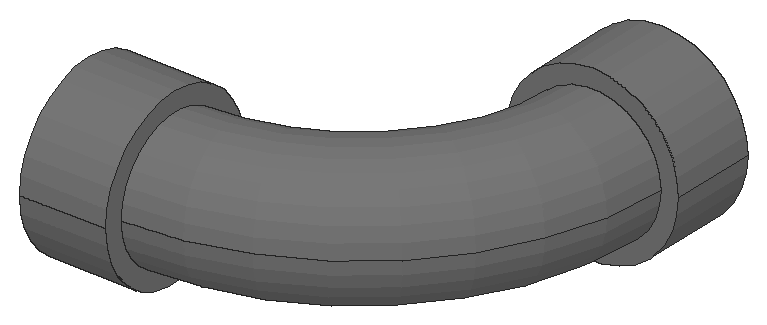
Revit family "Fittings-Elbow-Champion_Couplings-MI-ELB_Series", category Pipe Fittings, Revit 2014
Parameters (values of type "MI-ELB-150")
  Width B = 1.900"
  Width A = 1.900"
  Waste Connection = no
  Warranty Information = "1 Year Warranty"  # constant formula
  Vent Connection = no
  URL = "http://www.mifab.com"
  Tick Size = Width A * 0.4  # 0.760"
  Standard Listings & Approval = "CSA Approved, U.P.C. Approved"  # constant formula
  Product Page URL = "http://www.mifab.com/Catalog/No_Hub_Couplings/MIELB_ELBOWS.html"
  Product Documentation Link = "http://www.mifab.com/Catalog/Library/MI-ELB-spec_sheet.pdf"
  Price = "Prices may vary. Please consult Manufacturer Representative for most up-to-date price list."  # constant formula
  Pipe Size Description = "1 1/2\" Elbow"
  Pipe Connection Diameter = 1.500"
  Pallet Quantity = "2700"
  Nominal Length = Width A / 2  # 0.950"
  Model = "MI-ELB"
  Material = "Rubber-Champion Couplings-Flexible Rubber"  # constant formula
  Manufacturer = "Champion Couplings"  # constant formula
  List Price (Each Piece) = 12.75
  Height = 4.460"
  HW Connection = no
  Description = "MIFAB® Series MI-ELB (specify size) of flexible rubber elbow couplings are manufactured from a flexible PVC\r\nthat meets the requirements of ASTM C-564 and Type 300 Series of stainless steel clamps tightened (to 60 lbs. torque) with\r\n5/16” Type 300 stainless steel hex head screws. The MI-ELB Series of flexible couplings are listed with I.A.P.M.O. Non constant\r\ntemperature rating is 140 F."  # constant formula
  Creation Date = "\"2/17/2016\""
  Carton Quantity = "50"
  CW Connection = yes
  Assembly Code = "D2090800"
Types (5): name | Width B | Width A | Tick Size | Pipe Size Description | Pipe Connection Diameter | Pallet Quantity | Nominal Length | List Price (Each Piece) | Height | Carton Quantity
  (no name) | 1.900" | 1.900" | 0.760" | "1 1/2\" Elbow" | 1.500" | "2700" | 0.950" | 12.75 | 4.460" | "50"
  MI-ELB-150 | 1.900" | 1.900" | 0.760" | "1 1/2\" Elbow" | 1.500" | "2700" | 0.950" | 12.75 | 4.460" | "50"
  MI-ELB-200 | 2.310" | 2.310" | 0.924" | "2\" Elbow" | 2.000" | "1680" | 1.155" | 13.5 | 5.170" | "20"
  MI-ELB-300 | 3.440" | 3.440" | 1.376" | "3\" Elbow" | 3.000" | "560" | 1.720" | 20 | 7.870" | "20"
  MI-ELB-400 | 4.440" | 4.440" | 1.776" | "4\" Elbow" | 4.000" | "294" | 2.220" | 30 | 9.630" | "6"
Reference planes (in)
  plane 1 "Center (Front/Back)": y = 0
  plane 2: z = 0
  plane 3 "Center (Left/Right)": x = 0
  plane 4: x = -3.51
  plane 5: x = 0.95
  plane 6: x = -0.95
  plane 7: y = 0.95
  plane 8: y = -0.95
  plane 9: y = 3.51
  plane 10: x = -2.56
  plane 11: y = 2.56
  plane 12: y = 0.75
  plane 13: y = -0.75
  plane 14: x = -0.75
  plane 15: x = 0.75
Forms (in)
  Extrusion 1, solid, material "Rubber-Champion Couplings-Flexible Rubber"
    sketch origin (0, 0, 0) x (0, 1, 0) y (0, 0, 1)
      loop
        circle (0, 0) r 0.95
    from -3.51 to -2.56
  Extrusion 2, solid, material "Rubber-Champion Couplings-Flexible Rubber"
    sketch origin (0, 0, 0) x (1, 0, 0) y (0, 0, 1)
      loop
        circle (0, 0) r 0.95
    from -3.51 to -2.56
  Sweep 3, solid, material "Rubber-Champion Couplings-Flexible Rubber"
    path origin (0, 0, 0) x (1, 0, 0) y (0, 1, 0)
      loop
        arc (-2.56, 0) -> (-0.74981, 0.74981) -> (0, 2.56) r 2.56
    profile origin (-2.56, 0, 0) x (0, 1, 0) y (0, 0, 1)
      loop
        circle (0, 0) r 0.75
Lines and regions (in)
  Masking region 1, detail levels fine
    outline origin (0, 0, 0) x (1, 0, 0) y (0, 1, 0)
      loop
        line (-3.51, 0.95) -> (-3.51, -0.95) -> (-2.56, -0.95) -> (-2.56, -0.75)
        arc (-2.56, -0.75) -> (-0.21948, 0.21948) -> (0.75, 2.56) r 3.31
        line (0.75, 2.56) -> (0.95, 2.56) -> (0.95, 3.51) -> (-0.95, 3.51) -> (-0.95, 2.56) -> (-0.75, 2.56)
        arc (-0.75, 2.56) -> (-1.28014, 1.28014) -> (-2.56, 0.75) r 1.81
        line (-2.56, 0.75) -> (-2.56, 0.95) -> (-3.51, 0.95)
  symbolic lines, detail levels fine
    curve 1: line (-0.95, 2.56, 0) -> (0.95, 2.56, 0)
    curve 2: line (-2.56, -0.95, 0) -> (-2.56, 0.95, 0)
  model lines, detail levels coarse+medium
    curve 3: line (-3.51, 0.76, 0) -> (-3.51, -0.76, 0)
    curve 4: line (-0.76, 3.51, 0) -> (0.76, 3.51, 0)
    curve 5: line (-3.51, 0, 0) -> (-2.56, 0, 0)
    curve 6: line (0, 3.51, 0) -> (0, 2.56, 0)
    curve 7: arc (-2.56, 0, 0) -> (-0.74981, 0.74981, 0) -> (0, 2.56, 0) r 2.56
Dimensions and locks (in)
  "Width B": plane 6 to plane 5
  equal spacing: plane 6, plane 3 "Center (Left/Right)", plane 5
  "Height": plane 4 to plane 5
  "Width A": plane 7 to plane 8
  equal spacing: plane 7, plane 1 "Center (Front/Back)", plane 8
  "Height": plane 8 to plane 9
  "Nominal Length": plane 4 to plane 10
  "Nominal Length": plane 11 to plane 9
  "Pipe Connection Diameter": plane 13 to plane 12
  equal spacing: plane 13, plane 1 "Center (Front/Back)", plane 12
  "Pipe Connection Diameter": plane 14 to plane 15
  equal spacing: plane 14, plane 3 "Center (Left/Right)", plane 15
  "Tick Size": plane 3 "Center (Left/Right)" to curve 4
  "Tick Size": curve 4 to plane 3 "Center (Left/Right)"
  "Tick Size": plane 1 "Center (Front/Back)" to curve 3
  "Tick Size": curve 3 to plane 1 "Center (Front/Back)"
  "Width A": diameter of Extrusion 1 sketch curve
  "Width A": diameter of Extrusion 2 sketch curve
  "Pipe Connection Diameter": diameter of Sweep 3 sketch curve
  aligned and locked: plane 2 to Extrusion 1 sketch curve
  aligned and locked: plane 1 "Center (Front/Back)" to Extrusion 1 sketch curve
  aligned and locked: Extrusion 1 to plane 4
  aligned and locked: plane 10 to Extrusion 1
  aligned and locked: plane 11 to Extrusion 2
  aligned and locked: Extrusion 2 to plane 9
  aligned and locked: Extrusion 1 to Sweep 3 sketch curve
  aligned and locked: plane 1 "Center (Front/Back)" to Sweep 3 sketch curve  (x2)
  aligned and locked: Extrusion 2 to Sweep 3 sketch curve
  aligned and locked: plane 2 to Sweep 3 sketch curve
  aligned and locked: Masking region 1 sketch curve to plane 7
  aligned and locked: Masking region 1 sketch curve to Extrusion 1
  aligned and locked: Masking region 1 sketch curve to Extrusion 2
  aligned and locked: Masking region 1 sketch curve to plane 6
  aligned and locked: Masking region 1 sketch curve to plane 5
  aligned and locked: Masking region 1 sketch curve to plane 10
  aligned and locked: Masking region 1 sketch curve to plane 11  (x2)
  aligned and locked: plane 14 to Masking region 1 sketch curve
  aligned and locked: plane 15 to Masking region 1 sketch curve
  aligned and locked: plane 12 to Masking region 1 sketch curve
  aligned and locked: plane 13 to Masking region 1 sketch curve
  aligned and locked: curve 1 to Extrusion 2
  aligned and locked: curve 2 to Extrusion 1
  aligned and locked: plane 7 to curve 2
  aligned and locked: plane 8 to curve 2
  aligned and locked: plane 6 to curve 1
  aligned and locked: plane 5 to curve 1
  aligned and locked: plane 1 "Center (Front/Back)" to curve 5
  aligned and locked: curve 6 to plane 3 "Center (Left/Right)"
  aligned and locked: plane 10 to curve 5
  aligned and locked: plane 11 to curve 6
  aligned and locked: plane 9 to curve 6
  aligned and locked: plane 4 to curve 5
  aligned and locked: curve 3 to plane 4
  aligned and locked: plane 9 to curve 4
Automatic sketch dimensions
  curve 7 to plane 3 "Center (Left/Right)" = 0.000"
  Extrusion 2 sketch curve to level = 0.000"
  Extrusion 2 sketch curve to plane 3 "Center (Left/Right)" = 0.000"
  Masking region 1 sketch curve to plane 8 = 0.000"
Connectors (in)
  piping at (-3.51, 0, 0), diameter 1.5, driven by "Pipe Connection Diameter"
    settings: on Extrusion 1, index 1, connector inside diameter 24", connector length 0.000", flow factor 0, pipe flow 0 GPM, pressure drop 0.00 psi, fitting loss kfactor 0, connector angle 45.00°, fixture units 0, engagement length 0.000", angle of deflection 0.00°, flow configuration 0, flow direction 0, fitting loss method 0, system type 28, joint type 0, gender type 0, connector reference index -1, connector utility 0, adjustable connector no, is connector primary yes, connector description ""
  piping at (0, 3.51, 0), diameter 1.5, driven by "Pipe Connection Diameter"
    settings: on Extrusion 2, index 2, connector inside diameter 24", connector length 0.000", flow factor 0, pipe flow 0 GPM, pressure drop 0.00 psi, fitting loss kfactor 0, connector angle 45.00°, fixture units 0, engagement length 0.000", angle of deflection 0.00°, flow configuration 0, flow direction 0, fitting loss method 0, system type 28, joint type 0, gender type 0, connector reference index -1, connector utility 0, adjustable connector no, is connector primary no, connector description ""
